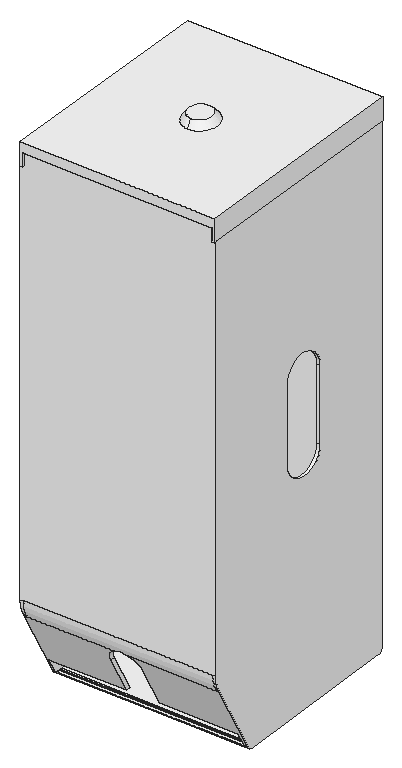
Revit family "Toilet Roll Dispenser_Metlam_Double_Cabinet_Rectangular", category Specialty Equipment, Revit 2016
Family settings
  Part Type = Normal
  Round Connector Dimension = Use Diameter
  OmniClass Number = 23.40.20.21.21
  OmniClass Title = Toilet Paper Dispensers
  Work Plane-Based = No
  Always vertical = Yes
  Cut with Voids When Loaded = No
  Shared = No
  Room Calculation Point = Yes
Parameters (values of type "White 118w x 126d x 310h (ML832W)")
  URL = "http://www.metlam.com.au/"
  Type Comments = "Toilet Roll Dispensers"  # constant formula
  Model = "ML832W"
  Material_ANZRS = z_Metlam_White
  Manufacturer_URL__Product Specific = "https://metlam.com.au/product/content/toilet-roll-dispensers/ML832W"
  Manufacturer_Spec Code = Model  # "ML832W"
  Manufacturer_Overall Width = 118 mm  # constant formula
  Manufacturer_Overall Height = 310 mm  # constant formula
  Manufacturer_Overall Depth = 126 mm  # constant formula
  Manufacturer_Height From FFL [instance] = 585 mm
  Manufacturer = "Metlam"  # constant formula
  Description = "Double Toilet Roll Dispenser - White Powder Coat"
  CreatedBy_ANZRS = "IGS BIM Solutions"  # constant formula
  CreatedByURL_ANZRS = "http://www.igsgroup.com.au/"
  Assembly Code = ""
Types (2, lengths in mm): name | Model | Material_ANZRS | Manufacturer_URL__Product Specific | Manufacturer_Spec Code | Description
  Satin 118w x 126d x 310h (ML832SS) | "ML832SS" | z_Metlam_Metal_Stainless Steel_Satin | "https://metlam.com.au/product/content/toilet-roll-dispensers/ML832SS" | "ML832SS" | "Double Toilet Roll Dispenser - SS Satin Finish"
  White 118w x 126d x 310h (ML832W) | "ML832W" | z_Metlam_White | "https://metlam.com.au/product/content/toilet-roll-dispensers/ML832W" | "ML832W" | "Double Toilet Roll Dispenser - White Powder Coat"
Reference planes
  plane 1 "Back": y = 0
  plane 2 "Ref. Level": z = 0
  plane 3 "Center (Left/Right)": x = 0
  plane 4 "Right": x = 59
  plane 5 "Left": x = -59
  plane 6 "Mounting Height": z = 585
  plane 7 "Front": y = -126
  plane 8 "Top": z = 895
  plane 9 "Lid_Bottom": z = 871.551
Forms (mm)
  Extrusion 1, solid, material "z_Metlam_White" <- "Material_ANZRS"
    sketch origin (0, 0, 9.514) x (0, 1, 0) y (0, 0, 1)
      loop
        line (0, 872.285) -> (-126, 862.064) -> (-126, 627.052)
        arc (-126, 627.052) -> (-125.363, 622.045) -> (-123.492, 617.356) r 20
        line (-123.492, 617.356) -> (-101.656, 577.963)
        arc (-101.656, 577.963) -> (-99.648, 576.227) -> (-97.033, 575.764) r 5
        line (-97.033, 575.764) -> (-2.559, 584.619)
        arc (-2.559, 584.619) -> (-0.728, 585.628) -> (0, 587.587) r 3
        line (0, 587.587) -> (0, 872.285)
      loop
        arc (-47, 760.81) -> (-59.5, 773.31) -> (-72, 760.81) r 12.5
        line (-72, 760.81) -> (-72, 717.986)
        arc (-72, 717.986) -> (-59.5, 705.486) -> (-47, 717.986) r 12.5
        line (-47, 717.986) -> (-47, 760.81)
    from -59 to -57.167
  Extrusion 2, solid, material "z_Metlam_White" <- "Material_ANZRS"
    sketch origin (0, 0, 9.514) x (0, 1, 0) y (0, 0, -1)
      loop
        line (0, -872.295) -> (0, -587.587)
        arc (0, -587.587) -> (-0.728, -585.628) -> (-2.559, -584.619) r 3
        line (-2.559, -584.619) -> (-97.033, -575.764)
        arc (-97.033, -575.764) -> (-99.648, -576.227) -> (-101.656, -577.963) r 5
        line (-101.656, -577.963) -> (-123.492, -617.356)
        arc (-123.492, -617.356) -> (-125.363, -622.045) -> (-126, -627.052) r 20
        line (-126, -627.052) -> (-126, -862.055) -> (0, -872.295)
      loop
        arc (-47, -717.986) -> (-59.5, -705.486) -> (-72, -717.986) r 12.5
        line (-72, -717.986) -> (-72, -760.81)
        arc (-72, -760.81) -> (-59.5, -773.31) -> (-47, -760.81) r 12.5
        line (-47, -760.81) -> (-47, -717.986)
    from -59 to -57.167
  Extrusion 3, solid, material "z_Metlam_White" <- "Material_ANZRS"
    sketch origin (0, 0, 40.393) x (0, 1, 0) y (0, 0, 1)
      loop
        arc (-126, 596.174) -> (-125.363, 591.166) -> (-123.492, 586.477) r 20
        line (-123.492, 586.477) -> (-101.656, 547.084)
        arc (-101.656, 547.084) -> (-99.648, 545.348) -> (-97.033, 544.885) r 5
        line (-97.033, 544.885) -> (-2.559, 553.741)
        arc (-2.559, 553.741) -> (-0.728, 554.749) -> (0, 556.708) r 3
        line (0, 556.708) -> (0, 841.459) -> (-2, 841.459) -> (-2, 556.708)
        arc (-2, 556.708) -> (-2.23, 556.07) -> (-2.814, 555.726) r 1
        line (-2.814, 555.726) -> (-97.22, 546.876)
        arc (-97.22, 546.876) -> (-98.794, 547.156) -> (-100, 548.205) r 3
        line (-100, 548.205) -> (-121.743, 587.447)
        arc (-121.743, 587.447) -> (-123.427, 591.667) -> (-124, 596.174) r 18
        line (-124, 596.174) -> (-124, 838.72) -> (-126, 838.72) -> (-126, 596.174)
    from -57.167 to 57.167
  Extrusion 4, solid, material "z_Metlam_White" <- "Material_ANZRS"
    sketch origin (0, 0, 40.393) x (0, 1, 0) y (0, 0, 1)
      loop
        line (0.522, 841.458) -> (0.522, 854.501) -> (-126.221, 844.201) -> (-126.221, 831.158) -> (0.522, 841.458)
    from -59 to 59
  Extrusion 5, void
    sketch origin (0, 0, 39.143) x (1, 0, 0) y (0, 0, 1)
      loop
        line (-57.167, 548.334) -> (57.167, 548.334) -> (57.167, 556.976) -> (9.959, 556.976) -> (9.959, 578.656)
        arc (9.959, 578.656) -> (-0.041, 588.656) -> (-10.041, 578.656) r 10
        line (-10.041, 578.656) -> (-10.041, 556.976) -> (-57.167, 556.976) -> (-57.167, 548.334)
    from 99.325 to 137.535
  Extrusion 6, void
    sketch origin (0, 0, 871.551) x (-1, 0, 0) y (0, -1, 0)
      loop
        line (57.167, 124) -> (57.167, 126.221) -> (-57.167, 126.221) -> (-57.167, 124) -> (57.167, 124)
    from 0 to 7.562
  Blend 7, solid, material "z_Metlam_White" <- "Material_ANZRS", detail levels medium+fine
    base sketch origin (4.072, 0.179, 894.867) x (0, -0.996714, -0.081005) y (1, 0, 0)
      loop
        circle (63.251, -4.31) r 10
    top sketch origin (4.072, 0.179, 894.867) x (0, -0.996714, -0.081005) y (1, 0, 0)
      loop
        circle (63.251, -4.31) r 7
    from 0 to 4
Cuts and joins
  Extrusion 5 cuts Extrusion 1
  Extrusion 5 cuts Extrusion 2
  Extrusion 5 cuts Extrusion 3
  joined: Extrusion 1, Extrusion 2, Extrusion 3
  Extrusion 6 cuts Extrusion 4
Lines and regions (mm)
  Masking region 1
    outline origin (0, 0, 0) x (1, 0, 0) y (0, 1, 0)
      loop
        line (-59, 0) -> (-59, -126) -> (59, -126) -> (59, 0) -> (-59, 0)
  symbolic lines, style "Bathroom Fixtures", detail levels medium+fine
    curve 1: spline (9.763, -62.864, 0) -> (9.422, -65.444, 0) -> (8.423, -67.848, 0) -> (6.834, -69.912, 0) -> (4.763, -71.496, 0) -> (2.351, -72.492, 0) -> (-0.237, -72.832, 0) -> (-2.826, -72.492, 0) -> (-5.237, -71.496, 0) -> (-7.308, -69.912, 0) -> (-8.898, -67.848, 0) -> (-9.897, -65.444, 0) -> (-10.237, -62.864, 0) -> (-9.897, -60.285, 0) -> (-8.898, -57.881, 0) -> (-7.308, -55.817, 0) -> (-5.237, -54.233, 0) -> (-2.826, -53.237, 0) -> (-0.237, -52.897, 0) -> (2.351, -53.237, 0) -> (4.763, -54.233, 0) -> (6.834, -55.817, 0) -> (8.423, -57.881, 0) -> (9.422, -60.285, 0) -> (9.763, -62.864, 0)
    curve 2: spline (-7.237, -63.168, 0) -> (-6.999, -64.974, 0) -> (-6.3, -66.656, 0) -> (-5.187, -68.101, 0) -> (-3.737, -69.21, 0) -> (-2.049, -69.907, 0) -> (-0.237, -70.145, 0) -> (1.574, -69.907, 0) -> (3.263, -69.21, 0) -> (4.712, -68.101, 0) -> (5.825, -66.656, 0) -> (6.524, -64.974, 0) -> (6.763, -63.168, 0) -> (6.524, -61.362, 0) -> (5.825, -59.679, 0) -> (4.712, -58.234, 0) -> (3.263, -57.125, 0) -> (1.574, -56.428, 0) -> (-0.237, -56.191, 0) -> (-2.049, -56.428, 0) -> (-3.737, -57.125, 0) -> (-5.187, -58.234, 0) -> (-6.3, -59.679, 0) -> (-6.999, -61.362, 0) -> (-7.237, -63.168, 0)
Text (mm)
  text "> Contact Manufacturer to confirm feasibility of design variations outside the scope of this Revit Family\n\n\n\nDisclaimer:\n\nDue to ongoing product development and manufacturing evolution, product details are subject to change without notice. Please refer to product technical data sheets on the manufacturer’s website for the most current product information. Please allow a +/- 5mm manufacturing tolerance for dimensions and set-outs shown in product literature." at (218.067, 40.901, 0), in view "Ref. Level_Instruction"
Dimensions and locks
  "Manufacturer_Height From FFL": plane 6 "Mounting Height" to plane 2 "Ref. Level"
  "Manufacturer_Overall Depth": plane 7 "Front" to plane 1 "Back"
  "Manufacturer_Overall Width": plane 5 "Left" to plane 4 "Right"
  "Manufacturer_Overall Height": plane 8 "Top" to plane 6 "Mounting Height"
  locked: plane 8 "Top" to plane 9 "Lid_Bottom" at 23.449
  aligned and locked: plane 2 "Ref. Level" to level
  aligned and locked: Extrusion 6 to plane 9 "Lid_Bottom"
Automatic sketch dimensions
  Masking region 1 sketch curve to plane 5 "Left" = 0 mm
  Masking region 1 sketch curve to plane 4 "Right" = 0 mm
  plane 7 "Front" to Masking region 1 sketch curve = 0 mm
  plane 1 "Back" to Masking region 1 sketch curve = 0 mm
  Extrusion 1 sketch curve to plane 7 "Front" = 54 mm
  Extrusion 1 sketch curve to Extrusion 1 sketch curve = 12.5 mm
  Extrusion 1 sketch curve to Extrusion 1 sketch curve = 42.825 mm
  Extrusion 1 sketch curve to Extrusion 1 sketch curve = 101.254 mm
  Extrusion 1 sketch curve to Extrusion 1 sketch curve = 111.475 mm
  Extrusion 1 sketch curve to plane 1 "Back" = 0 mm
  plane 6 "Mounting Height" to Extrusion 1 sketch curve = 12.101 mm
  plane 6 "Mounting Height" to Extrusion 1 sketch curve = 51.567 mm
  Extrusion 1 sketch curve to Extrusion 1 sketch curve = 90.933 mm
  Extrusion 1 sketch curve to plane 7 "Front" = 2.508 mm
  plane 6 "Mounting Height" to Extrusion 1 sketch curve = 2.477 mm
  Extrusion 1 sketch curve to plane 7 "Front" = 24.344 mm
  Extrusion 1 sketch curve to Extrusion 1 sketch curve = 4.157 mm
  plane 6 "Mounting Height" to Extrusion 1 sketch curve = 0.278 mm
  Extrusion 1 sketch curve to Extrusion 1 sketch curve = 0.467 mm
  plane 1 "Back" to Extrusion 1 sketch curve = 2.559 mm
  Extrusion 1 sketch curve to Extrusion 1 sketch curve = 2.967 mm
  Extrusion 3 sketch curve to Extrusion 3 sketch curve = 0 mm  (x6)
  Extrusion 3 sketch curve to plane 7 "Front" = 0 mm
  Extrusion 3 sketch curve to plane 1 "Back" = 0 mm
  Extrusion 3 sketch curve to plane 7 "Front" = 2.508 mm
  plane 6 "Mounting Height" to Extrusion 3 sketch curve = 2.477 mm
  Extrusion 3 sketch curve to plane 7 "Front" = 24.344 mm
  plane 6 "Mounting Height" to Extrusion 3 sketch curve = 3.598 mm
  Extrusion 3 sketch curve to Extrusion 3 sketch curve = 1.656 mm
  Extrusion 3 sketch curve to Extrusion 3 sketch curve = 2.5 mm
  plane 6 "Mounting Height" to Extrusion 3 sketch curve = 2.269 mm
  Extrusion 3 sketch curve to Extrusion 3 sketch curve = 0.28 mm
  plane 6 "Mounting Height" to Extrusion 3 sketch curve = 0.278 mm
  Extrusion 3 sketch curve to Extrusion 3 sketch curve = 3 mm
  Extrusion 3 sketch curve to Extrusion 3 sketch curve = 0.186 mm
  Extrusion 3 sketch curve to Extrusion 3 sketch curve = 0.255 mm
  Extrusion 3 sketch curve to Extrusion 3 sketch curve = 1 mm
  plane 6 "Mounting Height" to Extrusion 3 sketch curve = 9.134 mm
  plane 6 "Mounting Height" to Extrusion 3 sketch curve = 41.871 mm
  Extrusion 3 sketch curve to Extrusion 3 sketch curve = 9.696 mm
  Extrusion 3 sketch curve to Extrusion 3 sketch curve = 242.547 mm
  Extrusion 3 sketch curve to Extrusion 3 sketch curve = 2.739 mm
  Extrusion 3 sketch curve to plane 7 "Front" = 2 mm
  Extrusion 3 sketch curve to Extrusion 3 sketch curve = 1.749 mm
  Extrusion 3 sketch curve to Extrusion 3 sketch curve = 0.007 mm
  Extrusion 3 sketch curve to Extrusion 3 sketch curve = 0.004 mm
  Extrusion 1 sketch curve to plane 7 "Front" = 0 mm
  Extrusion 1 sketch curve to Extrusion 1 sketch curve = 9.696 mm
  Extrusion 2 sketch curve to plane 7 "Front" = 0 mm
  Extrusion 2 sketch curve to plane 1 "Back" = 0 mm
  Extrusion 2 sketch curve to plane 7 "Front" = 2.508 mm
  plane 6 "Mounting Height" to Extrusion 2 sketch curve = 2.477 mm
  Extrusion 2 sketch curve to plane 7 "Front" = 24.344 mm
  Extrusion 2 sketch curve to Extrusion 2 sketch curve = 4.157 mm
  plane 6 "Mounting Height" to Extrusion 2 sketch curve = 0.278 mm
  Extrusion 2 sketch curve to Extrusion 2 sketch curve = 0.467 mm
  Extrusion 2 sketch curve to plane 7 "Front" = 54 mm
  Extrusion 2 sketch curve to Extrusion 2 sketch curve = 12.5 mm
  Extrusion 2 sketch curve to Extrusion 2 sketch curve = 3 mm
  plane 1 "Back" to Extrusion 2 sketch curve = 2.559 mm
  plane 6 "Mounting Height" to Extrusion 2 sketch curve = 9.134 mm
  plane 6 "Mounting Height" to Extrusion 2 sketch curve = 41.871 mm
  Extrusion 2 sketch curve to Extrusion 2 sketch curve = 9.696 mm
  Extrusion 2 sketch curve to Extrusion 2 sketch curve = 90.933 mm
  Extrusion 2 sketch curve to Extrusion 2 sketch curve = 42.825 mm
  Extrusion 2 sketch curve to Extrusion 2 sketch curve = 101.244 mm
  Extrusion 2 sketch curve to Extrusion 2 sketch curve = 111.485 mm
  Extrusion 5 sketch curve to plane 3 "Center (Left/Right)" = 0.041 mm
  Extrusion 5 sketch curve to plane 3 "Center (Left/Right)" = 10.041 mm
  plane 5 "Left" to Extrusion 5 sketch curve = 1.833 mm
  plane 4 "Right" to Extrusion 5 sketch curve = 1.833 mm
  plane 6 "Mounting Height" to Extrusion 5 sketch curve = 2.477 mm
  plane 6 "Mounting Height" to Extrusion 5 sketch curve = 11.119 mm  (x2)
  Extrusion 5 sketch curve to Extrusion 5 sketch curve = 21.68 mm
  Extrusion 4 sketch curve to plane 1 "Back" = 0.522 mm
  Extrusion 4 sketch curve to Extrusion 4 sketch curve = 13.043 mm  (x2)
  Extrusion 4 sketch curve to plane 8 "Top" = 13.148 mm
  Extrusion 4 sketch curve to plane 8 "Top" = 10.406 mm
  plane 7 "Front" to Extrusion 4 sketch curve = 0.221 mm
  Blend 7 sketch curve to Extrusion 4 = 63.595 mm  (x2)
  Extrusion 4 to Blend 7 sketch curve = 58.763 mm  (x2)
  curve 2 to plane 3 "Center (Left/Right)" = 7.237 mm
  curve 2 to plane 3 "Center (Left/Right)" = 0.237 mm
  curve 2 to plane 7 "Front" = 62.832 mm
  curve 1 to plane 3 "Center (Left/Right)" = 0.237 mm
  plane 3 "Center (Left/Right)" to curve 1 = 9.763 mm
  curve 2 to curve 1 = 0.303 mm
  plane 4 "Right" to Extrusion 6 sketch curve = 1.833 mm
  plane 5 "Left" to Extrusion 6 sketch curve = 1.833 mm
  Extrusion 6 sketch curve to plane 7 "Front" = 2 mm
  Extrusion 6 sketch curve to Extrusion 6 sketch curve = 2.221 mm
  radius of Blend 7 sketch curve = 10 mm
  radius of Blend 7 sketch curve = 7 mm
